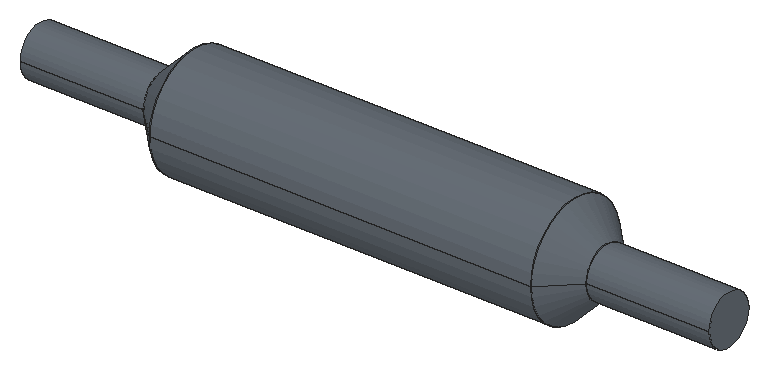
Revit family "РИДАН_Компенсатор под приварку с кожухом", category Арматура трубопроводов, Revit 2019
Family settings
  Размер круглого соединителя = Использовать диаметр
  Тип детали = Вставляется
  На основе рабочей плоскости = Нет
  Всегда вертикально = Да
  При загрузке вырезать с полостями = Нет
  Общий = Нет
Parameters (values of type "DN15  +15/-35mm ")
  Контакты_Производитель = "info@ridan.ru"  # constant formula
  Изготовитель = "ООО «Ридан-Трейд»"  # constant formula
  num1 = 1
  num = if((b * 0.22 * 4) - 2 mm > a, 1, 2)  # 2
  e = (c - b) + d  # 180 mm
  d = size_lookup(LT, "d", 20 mm, num1)  # 155 mm
  c = size_lookup(LT, "c", 20 mm, num1)  # 45 mm
  b = size_lookup(LT, "b", 20 mm, num1)  # 20 mm
  b2 = if(num = 2, b, ((a / 4) / 0.22) - 2 mm)  # 20 mm
  a1 = if(num = 2, a, (b2 * 0.22 * 4) - 2 mm)  # 280 mm
  a = size_lookup(LT, "a", 20 mm, num1)  # 280 mm
  URL = "https://ridan.ru/"
  LT = "Table"  # constant formula
  ADSK_Расход жидкости = 0 m³/h
  ADSK_Наименование = size_lookup(LT, "Name", "", num1)  # "Компенсатор PN16 DN15, перемещение: +15/-35mm, внутренняя гильза/внешний кожух"
  ADSK_Масса_Текст = ""
  ADSK_Масса = size_lookup(LT, "M", 0, num1)  # 0.79
  ADSK_Марка = size_lookup(LT, "Mark", "", num1)  # "Компенсатор"
  ADSK_Количество = 1  # constant formula
  ADSK_Код изделия = size_lookup(LT, "", "", num1)  # "065H0019R"
  ADSK_Завод-изготовитель = "ООО «Ридан-Трейд»"  # constant formula
  ADSK_Единица измерения = "шт."
  ADSK_Диаметр условный = size_lookup(LT, "DN", 20 mm, num1)  # 15 mm
  ADSK_Версия семейства = "1.0"  # constant formula
  ADSK_Версия Revit = "2019"  # constant formula
Types (28, lengths in mm): name | num1 | e | d | c | b | b2 | a1 | a | ADSK_Наименование | ADSK_Масса | ADSK_Код изделия | ADSK_Диаметр условный
  DN15  +15/-35mm | 1 | 180 | 155 | 45 | 20 | 20 | 280 | 280 | "Компенсатор PN16 DN15, перемещение: +15/-35mm, внутренняя гильза/внешний кожух" | 0.79 | "065H0019R" | 15
  DN15  +19/-45mm | 2 | 250 | 225 | 45 | 20 | 20 | 365 | 365 | "Компенсатор PN16 DN15, перемещение: +19/-45mm, внутренняя гильза/внешний кожух" | 1.04 | "065H0001R" | 15
  DN20  +15/-35mm | 3 | 174 | 155 | 45 | 26 | 26 | 280 | 280 | "Компенсатор PN16 DN20, перемещение: +15/-35mm, внутренняя гильза/внешний кожух" | 0.82 | "065H0021R" | 20
  DN20  +24/-56mm | 4 | 314 | 295 | 45 | 26 | 26 | 450 | 450 | "Компенсатор PN16 DN20, перемещение: +24/-56mm, внутренняя гильза/внешний кожух" | 0.82 | "065H0003R" | 20
  DN25  +12/-28mm | 5 | 170 | 150 | 52 | 32 | 32 | 275 | 275 | "Компенсатор PN16 DN25, перемещение: +12/-28mm, внутренняя гильза/внешний кожух" | 1.07 | "065H0022R" | 25
  DN25  +19/-45mm | 5 | 170 | 150 | 52 | 32 | 32 | 275 | 275 | "Компенсатор PN16 DN25, перемещение: +12/-28mm, внутренняя гильза/внешний кожух" | 1.07 | "065H0022R" | 25
  DN32  +12/-28mm | 7 | 184 | 163 | 63 | 42 | 42 | 310 | 310 | "Компенсатор PN16 DN32, перемещение: +12/-28mm, внутренняя гильза/внешний кожух" | 1.74 | "065H0024R" | 32
  DN32  +19/-45mm | 8 | 258 | 237 | 63 | 42 | 42 | 400 | 400 | "Компенсатор PN16 DN32, перемещение: +19/-45mm, внутренняя гильза/внешний кожух" | 1.9 | "065H0025R" | 32
  DN40  +11/-25mm | 9 | 195 | 163 | 77 | 45 | 45 | 310 | 310 | "Компенсатор PN16 DN40, перемещение: +11/-25mm, внутренняя гильза/внешний кожух" | 0.91 | "065H0026R" | 40
  DN40  +19/-45mm | 10 | 269 | 237 | 77 | 45 | 45 | 400 | 400 | "Компенсатор PN16 DN40, перемещение: +19/-45mm, внутренняя гильза/внешний кожух" | 2.9 | "065H0027R" | 40
  DN50  +12/-28mm | 11 | 183 | 163 | 77 | 57 | 57 | 310 | 310 | "Компенсатор PN16 DN50, перемещение: +12/-28mm, внутренняя гильза/внешний кожух" | 2.5 | "065H0028R" | 50
  DN50  +19/-45mm | 12 | 257 | 237 | 77 | 57 | 57 | 400 | 400 | "Компенсатор PN16 DN50, перемещение: +19/-45mm, внутренняя гильза/внешний кожух" | 3.1 | "065H0029R" | 50
  DN65  +12 / -28mm | 12 | 257 | 237 | 77 | 57 | 57 | 400 | 400 | "Компенсатор PN16 DN50, перемещение: +19/-45mm, внутренняя гильза/внешний кожух" | 3.1 | "065H0029R" | 50
  DN65  +24 / -56mm | 12 | 257 | 237 | 77 | 57 | 57 | 400 | 400 | "Компенсатор PN16 DN50, перемещение: +19/-45mm, внутренняя гильза/внешний кожух" | 3.1 | "065H0029R" | 50
  DN80  +12 / -28mm | 12 | 257 | 237 | 77 | 57 | 57 | 400 | 400 | "Компенсатор PN16 DN50, перемещение: +19/-45mm, внутренняя гильза/внешний кожух" | 3.1 | "065H0029R" | 50
  DN80  +19 /-45mm | 12 | 257 | 237 | 77 | 57 | 57 | 400 | 400 | "Компенсатор PN16 DN50, перемещение: +19/-45mm, внутренняя гильза/внешний кожух" | 3.1 | "065H0029R" | 50
  DN100  +15 / -33mm | 17 | 265 | 218 | 155 | 108 | 108 | 340 | 340 | "Компенсатор PN16 DN100, перемещение: +15/-33mm, внутренняя гильза/внешний кожух" | 5.13 | "065H0016R" | 100
  DN100  +24 / -56mm | 18 | 265 | 218 | 155 | 108 | 108 | 370 | 370 | "Компенсатор PN16 DN100, перемещение: +24/-56mm, внутренняя гильза/внешний кожух" | 5.89 | "065H0034R" | 100
  DN125  +15 /-35mm | 19 | 205 | 160 | 178 | 133 | 133 | 285 | 285 | "Осевой сильфонный компенсатор для СО Ду125/Ру16 +15/-35мм с защ. кожухом и  внутр. направляющей, под приварку" | 5.81 | "082X9247R" | 125
  DN125  +24 /-56mm | 20 | 293 | 248 | 178 | 133 | 133 | 375 | 375 | "Осевой сильфонный компенсатор для СО Ду125/Ру16 +24/-56мм с защ. кожухом и внутр. направляющей, под приварку" | 7.73 | "082X9252R" | 125
  DN150  +15 /-35mm | 21 | 237 | 180 | 216 | 159 | 159 | 310 | 310 | "Осевой сильфонный компенсатор для СО Ду150/Ру16 +15/-35мм с защ. кожухом и  внутр. направляющей, под приварку" | 9 | "082X9248R" | 150
  DN150  +24 /-56mm | 22 | 345 | 288 | 216 | 159 | 159 | 415 | 415 | "Осевой сильфонный компенсатор для СО Ду150/Ру16 +24/-56мм с защ. кожухом и внутр. направляющей, под приварку" | 10.95 | "082X9253R" | 150
  DN200  +15 /-35mm | 22 | 345 | 288 | 216 | 159 | 159 | 415 | 415 | "Осевой сильфонный компенсатор для СО Ду150/Ру16 +24/-56мм с защ. кожухом и внутр. направляющей, под приварку" | 10.95 | "082X9253R" | 150
  DN200  +24 /-56mm | 22 | 345 | 288 | 216 | 159 | 159 | 415 | 415 | "Осевой сильфонный компенсатор для СО Ду150/Ру16 +24/-56мм с защ. кожухом и внутр. направляющей, под приварку" | 10.95 | "082X9253R" | 150
  DN250  +15 /-35mm | 25 | 236 | 164 | 345 | 273 | 273 | 300 | 300 | "Осевой сильфонный компенсатор для СО Ду250/Ру16 +15/-35мм с защ. кожухом и  внутр. направляющей, под приварку" | 17.45 | "082X9250R" | 250
  DN250  +24 /-56mm | 26 | 330 | 258 | 345 | 273 | 273 | 395 | 395 | "Осевой сильфонный компенсатор для СО Ду250/Ру16 +24/-56мм с защ. кожухом и внутр. направляющей, под приварку" | 27 | "082X9255R" | 250
  DN300  +15 /-35mm | 26 | 330 | 258 | 345 | 273 | 273 | 395 | 395 | "Осевой сильфонный компенсатор для СО Ду250/Ру16 +24/-56мм с защ. кожухом и внутр. направляющей, под приварку" | 27 | "082X9255R" | 250
  DN300  +24 /-56mm | 26 | 330 | 258 | 345 | 273 | 273 | 395 | 395 | "Осевой сильфонный компенсатор для СО Ду250/Ру16 +24/-56мм с защ. кожухом и внутр. направляющей, под приварку" | 27 | "082X9255R" | 250
Reference planes
  plane 1 "По центру (Вперед/Назад)": y = 0
  plane 2: z = 0
  plane 3 "По центру (Влево/Вправо)": x = 0
  plane 4: x = -77.5
  plane 5: x = -90
  plane 6: x = -140
  plane 7: x = 77.5
  plane 8: x = 90
  plane 9: x = 140
Forms (mm)
  Extrusion 1, solid, material "Корпус", detail levels fine
    sketch origin (0, 0, 0) x (0, 1, 0) y (0, 0, 1)
      loop
        circle (0, 0) r 10
    from -140 to 140
  Extrusion 2, solid, material "Корпус", detail levels fine
    sketch origin (0, 0, 0) x (0, 1, 0) y (0, 0, 1)
      loop
        circle (0, 0) r 22.5
    from -77.5 to 77.5
  Blend 3, solid, material "Корпус", detail levels fine
    base sketch origin (0, 0, 0) x (0, 1, 0) y (0, 0, 1)
      loop
        circle (0, 0) r 10
    top sketch origin (0, 0, 0) x (0, 1, 0) y (0, 0, 1)
      loop
        circle (0, 0) r 22.5
    from 90 to 77.5
  Blend 4, solid, material "Корпус", detail levels fine
    base sketch origin (0, 0, 0) x (0, 1, 0) y (0, 0, 1)
      loop
        circle (0, 0) r 10
    top sketch origin (0, 0, 0) x (0, 1, 0) y (0, 0, 1)
      loop
        circle (0, 0) r 22.5
    from -90 to -77.5
Dimensions and locks
  equal spacing: plane 7, plane 3 "По центру (Влево/Вправо)", plane 4
  "d": plane 7 to plane 4
  equal spacing: plane 8, plane 3 "По центру (Влево/Вправо)", plane 5
  "e": plane 8 to plane 5
  equal spacing: plane 9, plane 3 "По центру (Влево/Вправо)", plane 6
  "a": plane 9 to plane 6
  "b": diameter of Extrusion 1 sketch curve
  "c": diameter of Extrusion 2 sketch curve
  "b": diameter of Blend 3 sketch curve
  "c": diameter of Blend 3 sketch curve
  "b": diameter of Blend 4 sketch curve
  "c": diameter of Blend 4 sketch curve
  aligned and locked: level to plane 2
  aligned and locked: Extrusion 1 to plane 6
  aligned and locked: Extrusion 1 to plane 9
  aligned and locked: Extrusion 2 to plane 4
  aligned and locked: Extrusion 2 to plane 7
  aligned and locked: plane 4 to Blend 4
  aligned and locked: Blend 4 to plane 5
  aligned and locked: plane 7 to Blend 3
  aligned and locked: Blend 3 to plane 8
  aligned and locked: plane 3 "По центру (Влево/Вправо)" to nested 1
  aligned and locked: plane 2 to nested 1
  aligned and locked: plane 1 "По центру (Вперед/Назад)" to nested 2
  aligned and locked: plane 3 "По центру (Влево/Вправо)" to nested 2
Automatic sketch dimensions
  Extrusion 1 sketch curve to level = 0 mm
  Extrusion 1 sketch curve to plane 1 "По центру (Вперед/Назад)" = 0 mm
  Extrusion 2 sketch curve to level = 0 mm
  Extrusion 2 sketch curve to plane 1 "По центру (Вперед/Назад)" = 0 mm
  Blend 3 sketch curve to level = 0 mm  (x2)
  Blend 3 sketch curve to plane 1 "По центру (Вперед/Назад)" = 0 mm  (x2)
  Blend 4 sketch curve to level = 0 mm  (x2)
  Blend 4 sketch curve to plane 1 "По центру (Вперед/Назад)" = 0 mm  (x2)
Nested families
  nested 1: "УГО_Компенсатор" at (0, 0, 0), a <- "b2", L <- "a1", type "УГО_Компенсатор", detail levels coarse+medium
    with c 4.4 mm, b 11.6 mm, a 20 mm, L2 131.2 mm, L1 131.2 mm, L 280 mm
  nested 2: "УГО_ЭУ_Компенсатор" at (0, 0, 0), a <- "b2", L <- "a1", type "УГО_ЭУ_Компенсатор", detail levels coarse+medium
    with c 4.4 mm, b 11.6 mm, a 20 mm, L2 131.2 mm, L1 131.2 mm, L 280 mm
Connectors
  piping at (-140, 0, 0), diameter 15, driven by "ADSK_Диаметр условный", driven by "ADSK_Расход жидкости"
    settings: on plane 6, index 1, connector inside diameter 609.6 mm, connector length 0 mm, flow factor 0, pipe flow 0 m³/h, pressure drop 0.0 Pa, fitting loss kfactor 0, connector angle 0.00°, fixture units 0, engagement length 0 mm, angle of deflection 0.00°, flow configuration 0, flow direction 0, fitting loss method 0, system type 29, joint type 0, gender type 0, connector reference index 2, connector utility 0, adjustable connector no, is connector primary yes, connector description ""
  piping at (140, 0, 0), diameter 15, driven by "ADSK_Диаметр условный", driven by "ADSK_Расход жидкости"
    settings: on plane 9, index 2, connector inside diameter 609.6 mm, connector length 0 mm, flow factor 0, pipe flow 0 m³/h, pressure drop 0.0 Pa, fitting loss kfactor 0, connector angle 0.00°, fixture units 0, engagement length 0 mm, angle of deflection 0.00°, flow configuration 0, flow direction 0, fitting loss method 0, system type 29, joint type 0, gender type 0, connector reference index 1, connector utility 0, adjustable connector no, is connector primary no, connector description ""
Definition of nested family "УГО_Компенсатор"
  Parameters (values of type "УГО_Компенсатор")
    c [instance] = a * 0.22  # 13.2 mm
    b [instance] = a * 0.58  # 34.8 mm
    a [instance] = 60 mm
    L2 [instance] = if(or(L1 < 0 mm), 1 mm, L1)  # 108.6 mm
    L1 [instance] = (L / 2) - (2 * c)  # 108.6 mm
    L [instance] = 270 mm
  Reference planes
    plane 1 "По центру (Вперед/Назад)": y = 0
    plane 2: z = 0
    plane 3 "По центру (Влево/Вправо)": x = 0
    plane 4: z = 30
    plane 5: z = 17.4
    plane 6: z = -30
    plane 7: z = -17.4
    plane 8: x = -26.4
    plane 9: x = -13.2
    plane 10: x = 26.4
    plane 11: x = 13.2
    plane 12: x = 135
    plane 13: x = -135
  Forms (mm)
    Extrusion 1, solid
      sketch origin (0, 0, 0) x (1, 0, 0) y (0, 0, 1)
        loop
          line (-26.4, 17.4) -> (-26.4, -17.4) -> (-13.2, -30) -> (-13.2, 30) -> (-26.4, 17.4)
      from -0.5 to 0.5
    Extrusion 2, solid
      sketch origin (0, 0, 0) x (1, 0, 0) y (0, 0, 1)
        loop
          line (-13.2, 30) -> (-13.2, -30) -> (0, -17.4) -> (0, 17.4) -> (-13.2, 30)
      from -0.5 to 0.5
    Extrusion 3, solid
      sketch origin (0, 0, 0) x (1, 0, 0) y (0, 0, 1)
        loop
          line (0, 17.4) -> (0, -17.4) -> (13.2, -30) -> (13.2, 30) -> (0, 17.4)
      from -0.5 to 0.5
    Extrusion 4, solid
      sketch origin (0, 0, 0) x (1, 0, 0) y (0, 0, 1)
        loop
          line (13.2, 30) -> (13.2, -30) -> (26.4, -17.4) -> (26.4, 17.4) -> (13.2, 30)
      from -0.5 to 0.5
  Lines and regions (mm)
    model lines
      curve 1: line (26.4, 0, 0) -> (135, 0, 0)
      curve 2: line (-135, 0, 0) -> (-26.4, 0, 0)
  Dimensions and locks
    "b": plane 5 to plane 7
    "a": plane 4 to plane 6
    equal spacing: plane 5, plane 2, plane 7
    equal spacing: plane 4, plane 2, plane 6
    "c": plane 10 to plane 11 to plane 3 "По центру (Влево/Вправо)" to plane 9 to plane 8
    "L2": plane 10 to plane 12
    "L2": plane 13 to plane 8
    plane 10 to plane 8 = 52.8 mm
    aligned and locked: level to plane 2
    aligned and locked: plane 5 to Extrusion 1 sketch curve
    aligned and locked: plane 7 to Extrusion 1 sketch curve
    aligned and locked: Extrusion 1 sketch curve to plane 8
    aligned and locked: plane 9 to Extrusion 1 sketch curve
    aligned and locked: plane 6 to Extrusion 1 sketch curve
    aligned and locked: Extrusion 1 sketch curve to plane 9
    aligned and locked: plane 4 to Extrusion 1 sketch curve
    aligned and locked: Extrusion 2 sketch curve to plane 3 "По центру (Влево/Вправо)"
    aligned and locked: plane 9 to Extrusion 2 sketch curve  (x2)
    aligned and locked: plane 4 to Extrusion 2 sketch curve
    aligned and locked: plane 5 to Extrusion 2 sketch curve
    aligned and locked: plane 3 "По центру (Влево/Вправо)" to Extrusion 2 sketch curve
    aligned and locked: plane 6 to Extrusion 2 sketch curve
    aligned and locked: plane 7 to Extrusion 2 sketch curve
    aligned and locked: plane 5 to Extrusion 3 sketch curve
    aligned and locked: plane 3 "По центру (Влево/Вправо)" to Extrusion 3 sketch curve
    aligned and locked: plane 6 to Extrusion 3 sketch curve
    aligned and locked: plane 11 to Extrusion 3 sketch curve  (x2)
    aligned and locked: Extrusion 3 sketch curve to plane 3 "По центру (Влево/Вправо)"
    aligned and locked: plane 7 to Extrusion 3 sketch curve
    aligned and locked: plane 4 to Extrusion 3 sketch curve
    aligned and locked: plane 11 to Extrusion 4 sketch curve  (x2)
    aligned and locked: plane 4 to Extrusion 4 sketch curve
    aligned and locked: plane 5 to Extrusion 4 sketch curve
    aligned and locked: plane 10 to Extrusion 4 sketch curve  (x2)
    aligned and locked: plane 6 to Extrusion 4 sketch curve
    aligned and locked: plane 7 to Extrusion 4 sketch curve
    aligned and locked: plane 10 to curve 1
    aligned and locked: plane 12 to curve 1
    aligned and locked: plane 8 to curve 2
    aligned and locked: plane 13 to curve 2
  Automatic sketch dimensions
    curve 2 to level = 0 mm
    curve 1 to level = 0 mm
Definition of nested family "УГО_ЭУ_Компенсатор"
  Parameters (values of type "УГО_ЭУ_Компенсатор")
    c [instance] = a * 0.22  # 13.2 mm
    b [instance] = a * 0.58  # 34.8 mm
    a [instance] = 60 mm
    L2 [instance] = if(or(L1 < 0 mm), 1 mm, L1)  # 108.6 mm
    L1 [instance] = (L / 2) - (2 * c)  # 108.6 mm
    L [instance] = 270 mm
  Reference planes
    plane 1 "По центру (Вперед/Назад)": y = 0
    plane 2: z = 0
    plane 3 "По центру (Влево/Вправо)": x = 0
    plane 4: x = -13.2
    plane 5: x = -26.4
    plane 6: x = 13.2
    plane 7: x = 26.4
    plane 8: y = 30
    plane 9: y = 17.4
    plane 10: y = -30
    plane 11: y = -17.4
    plane 12: x = -135
    plane 13: x = 135
  Lines and regions (mm)
    detail lines, in view "Опорный уровень"
      curve 1: line (-26.4, 17.4, 0) -> (-26.4, -17.4, 0)
      curve 2: line (-13.2, 30, 0) -> (-13.2, -30, 0)
      curve 3: line (-26.4, -17.4, 0) -> (-13.2, -30, 0)
      curve 4: line (-26.4, 17.4, 0) -> (-13.2, 30, 0)
      curve 5: line (-13.2, 30, 0) -> (0, 17.4, 0)
      curve 6: line (0, 17.4, 0) -> (0, -17.4, 0)
      curve 7: line (-13.2, -30, 0) -> (0, -17.4, 0)
      curve 8: line (0, 17.4, 0) -> (13.2, 30, 0)
      curve 9: line (0, -17.4, 0) -> (13.2, -30, 0)
      curve 10: line (13.2, 30, 0) -> (26.4, 17.4, 0)
      curve 11: line (13.2, -30, 0) -> (26.4, -17.4, 0)
      curve 12: line (26.4, 17.4, 0) -> (26.4, -17.4, 0)
      curve 13: line (-135, 0, 0) -> (-26.4, 0, 0)
      curve 14: line (26.4, 0, 0) -> (135, 0, 0)
      curve 15: line (13.2, 30, 0) -> (13.2, -30, 0)
  Dimensions and locks
    "c": plane 5 to plane 4 to plane 3 "По центру (Влево/Вправо)" to plane 6 to plane 7
    equal spacing: plane 9, plane 1 "По центру (Вперед/Назад)", plane 11
    "b": plane 9 to plane 11
    equal spacing: plane 8, plane 1 "По центру (Вперед/Назад)", plane 10
    "a": plane 8 to plane 10
    "L2": plane 12 to plane 5
    "L2": plane 7 to plane 13
    aligned and locked: plane 9 to curve 4
    aligned and locked: plane 8 to curve 4
    aligned and locked: plane 11 to curve 1
    aligned and locked: plane 10 to curve 2
    aligned and locked: curve 2 to plane 4
    aligned and locked: curve 1 to plane 5
    aligned and locked: plane 4 to curve 7
    aligned and locked: plane 3 "По центру (Влево/Вправо)" to curve 7
    aligned and locked: plane 9 to curve 6
    aligned and locked: curve 6 to plane 3 "По центру (Влево/Вправо)"
    aligned and locked: plane 8 to curve 8
    aligned and locked: plane 11 to curve 9
    aligned and locked: plane 6 to curve 9
    aligned and locked: plane 11 to curve 11
    aligned and locked: plane 7 to curve 11
    aligned and locked: plane 9 to curve 12
    aligned and locked: plane 1 "По центру (Вперед/Назад)" to curve 13
    aligned and locked: plane 1 "По центру (Вперед/Назад)" to curve 14
    aligned and locked: plane 12 to curve 13
    aligned and locked: plane 5 to curve 13
    aligned and locked: plane 7 to curve 14
    aligned and locked: plane 13 to curve 14
    aligned and locked: plane 6 to curve 15
    aligned and locked: plane 10 to curve 15
